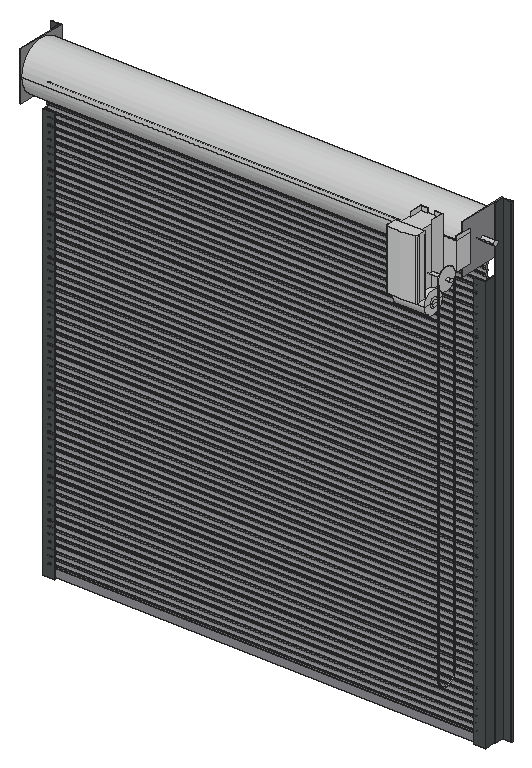
Revit family "Doors_Industrial_Overhead-Door-Corporation_Rolling-Steel-Service-Doors-610_", category Specialty Equipment, host Wall, Revit 2019
Family settings
  Host = Wall
  Round Connector Dimension = Use Diameter
  Part Type = Normal
  OmniClass Number = 23.30.10.21.34
  OmniClass Title = Industrial Doors
  Always vertical = Yes
  Cut with Voids When Loaded = Yes
  Shared = No
  Room Calculation Point = No
Parameters (values of type "115 volts, one phase, 60 Hz (110-120V range)")
  Width Count [instance] = if(Slat < 2, 15, if(or(Opening Width < 240", Opening Width = 240"), 20, if(or(Opening Width < 288", Opening Width = 288"), 24, 30)))  # 15
  Warning Sign [instance] = if(Calculated Area > 683.00 SF, 1 = 1, 1 = 2)  # no
  Warning (Note) [instance] = if(Warning Sign, "The Door Area is out of the limit; please adjust accordingly. The maximum allowed area is 683 sq. ft.", if(Opening Height > 360", "Headroom Clearance Dimensions - out of the limits. Consult Factory", " "))  # " "
  Wall Thickness [instance] = 6"
  Voltage = 115 V
  True Opening Width [instance] = if(Between Jambs Mounting, Door Width True, Clear Width)  # 120"
  True Opening Height [instance] = if(Between Jambs Mounting, Clear Height + Headroom Height, Clear Height)  # 120"
  Slat Type [instance] = if(Slat Option < 2, "C-187", if(Slat Option = 2, "C-275", if(Slat Option = 3, "F-265", "FE-265")))  # "C-187"
  Slat Option [instance] = 1
  Slat Length [instance] = Clear Width + G Value * 2 - 1" / 2 * 2  # 126"
  Slat Height [instance] = if(Slat < 2, 11 9/32", if(Slat = 2, 13 3/4", 13 19/128"))  # 11 9/32"
  Slat [instance] = if(Slat Option < 2, 1, if(Slat Option = 2, 2, if(Slat Option = 3, 3, 4)))  # 1
  Product Page URL = "https://www.overheaddoor.com/rolling-steel-service-doors-610"
  Power Factor = 1
  Powder Coat (Note) = "PowderGuard® Premium powder coat finish options are available in approximately 200 colors as well as custom matching to specification. PowderGuard® Textured finish, a thicker, more scratch resistant coat, is available in 11 colors providing enhanced scratch resistance as well as aiding in hiding the dirt and blemishes that often occur in commercial environments.​"  # constant formula
  Operator Visibility = yes
  Operation (Note) [instance] = "Door could operate by manual push, crank, electrical operator or chain hoist. Manual push up and crank could be used up to 80 sf, for larger door sizes you have to use Chain Hoist operator."  # constant formula
  Opening Width Real [instance] = if(Opening Width > Max Opening Width, Max Opening Width, if(Opening Width < Min Opening Width, Min Opening Width, Opening Width))  # 120"
  Opening Width [instance] = 120"
  Opening Height Real [instance] = if(Opening Height > Max Opening Height, Max Opening Height, if(Opening Height < Min Opening Height, Min Opening Height, Opening Height))  # 120"
  Opening Height [instance] = 120"
  One Array element [instance] = not(Array Vis)  # no
  Number of Poles = 1
  Motor Type [instance] = if(Between Jambs Mounting, "RSX Front of Hood", if(Motor Option < 2, "RSX Front of Hood", if(Motor Option = 2, "RSX Top of Hood", if(Motor Option = 3, "RSX Wall Mount", "RSX Bench Mount"))))  # "RSX Front of Hood"
  Motor Selection (Note) [instance] = "Generic operator shown. Contact Overhead Door when dimensions are critical. "  # constant formula
  Motor Position [instance] = if(Between Jambs Mounting, BJ Displacement Real, M Value - G Value)  # 2 3/4"
  Motor Option Real [instance] = if(Between Jambs Mounting, 1, if(Motor Option < 1, 1, if(Motor Option > 4, 4, Motor Option)))  # 1
  Motor Option [instance] = 1
  Min Opening Width [instance] = if(Between Jambs Mounting, 18" + BJ Displacement Real * 2 + G Value * 2, 18")  # 18"
  Min Opening Height [instance] = if(Between Jambs Mounting, 24" + Headroom Height, 24")  # 24"
  Max Opening Width [instance] = 364"  # constant formula
  Max Opening Height [instance] = 340"  # constant formula
  Material Finish (Note) [instance] = "Perforation availible for F-265, C-275 Slat profile. Fenestration 5/8\"x3\" availible for C-275, F-265, FE-265 Slat profile. Fenestration 1\"x10\" availible for F-265, FE-265 Slat profile."  # constant formula
  Material Finish [instance] = 610 : Standard - Gray
  M Value [instance] = if(or(Opening Width < 108", Opening Width = 108"), 5 3/4", if(or(Opening Width < 180", Opening Width = 180"), 6 1/4", if(or(Opening Width < 240", Opening Width = 240"), 7 1/4", 9 1/4")))  # 6 1/4"
  Lookup Table = "Hood Dimensions"  # constant formula
  Lookup BD [instance] = size_lookup(Lookup Table, if(Slat = 1, "A1", if(Slat = 2, "A2", "A3")), 10", Width Count, Height Count)  # 14"
  Jambs Offset [instance] = if(Between Jambs Mounting, BJ Displacement Real + G Value, 0")  # 0"
  Installation Real [instance] = if(Between Jambs Mounting, if((Wall Thickness / 2 - Guid Depth / 2) < 0", 0", Wall Thickness / 2 - Guid Depth / 2), Wall Thickness)  # 6"
  Hood Type [instance] = if(Hood Option < 2, "No Hood", if(Hood Option = 2, "Square Hood", if(Hood Option = 3, "Octagon Hood", "Round Hood")))  # "No Hood"
  Hood Option [instance] = 1
  Hood Offset [instance] = if(Chain Hoist or Manual, 3", 5")  # 5"
  Hood Material [instance] = Metal - Overhead Door - Gray
  Hood Height [instance] = Headroom Height Real - Hood Offset  # 14"
  Height Count [instance] = if(Slat = 1, HC 1, if(Slat = 2, HC 2, HC 3))  # 11
  Lookup HH [instance] = size_lookup(Lookup Table, if(Slat = 1, "A1", if(Slat = 2, "A2", "A3")), 10", Width Count, Height Count)  # 14"
  Headroom Height Real [instance] = if(Face Of Wall Mounting, if(Chain Hoist or Manual, Lookup HH + 3", Lookup HH + 5"), Lookup HH + 3")  # 19"
  Headroom Height [instance] = if(Between Jambs Mounting, Headroom Height Real, if(Hood Option > 1, Headroom Height Real + 1 1/2", Headroom Height Real))  # 19"
  HC 3 [instance] = if(or(Opening Height < 72", Opening Height = 72"), 6, if(or(Opening Height < 96", Opening Height = 96"), 8, if(or(Opening Height < 108", Opening Height = 108"), 9, if(or(Opening Height < 132", Opening Height = 132"), 11, if(or(Opening Height < 156", Opening Height = 156"), 13, if(or(Opening Height < 192", Opening Height = 192"), 16, if(or(Opening Height < 216", Opening Height = 216"), 18, if(or(Opening Height < 252", Opening Height = 252"), 21, if(or(Opening Height < 276", Opening Height = 276"), 23, if(or(Opening Height < 300", Opening Height = 300"), 25, if(or(Opening Height < 336", Opening Height = 336"), 28, 30)))))))))))  # 11
  HC 2 [instance] = if(or(Opening Height < 72", Opening Height = 72"), 6, if(or(Opening Height < 96", Opening Height = 96"), 8, if(or(Opening Height < 108", Opening Height = 108"), 9, if(or(Opening Height < 132", Opening Height = 132"), 11, if(or(Opening Height < 156", Opening Height = 156"), 13, if(or(Opening Height < 192", Opening Height = 192"), 16, if(or(Opening Height < 216", Opening Height = 216"), 18, if(or(Opening Height < 252", Opening Height = 252"), 21, if(or(Opening Height < 276", Opening Height = 276"), 23, if(or(Opening Height < 300", Opening Height = 300"), 25, if(or(Opening Height < 336", Opening Height = 336"), 28, 30)))))))))))  # 11
  HC 1 [instance] = if(or(Opening Height < 72", Opening Height = 72"), 6, if(or(Opening Height < 132", Opening Height = 132"), 11, if(or(Opening Height < 216", Opening Height = 216"), 18, if(or(Opening Height < 252", Opening Height = 252"), 21, 30))))  # 11
  Guide Type [instance] = if(Between Jambs Mounting, "Angled Between Jambs Z Guide", "Angled Z Guide")  # "Angled Z Guide"
  Guide Option [instance] = if(Between Jambs Mounting, 1, 2)  # 2
  Guid Depth [instance] = if(Between Jambs Mounting, D Value + 1/4", D Value)  # 6 1/4"
  G Value [instance] = if(Between Jambs Mounting, if(or(Opening Width < 144", Opening Width = 144"), 3 1/4", if(or(Opening Width < 180", Opening Width = 180"), 3", if(or(Opening Width < 240", Opening Width = 240"), 3 1/2", 5"))), if(or(Opening Width < 108", Opening Width = 108"), 3", if(or(Opening Width < 180", Opening Width = 180"), 3 1/2", if(or(Opening Width < 240", Opening Width = 240"), 4", 5 9/16"))))  # 3 1/2"
  Frequency = 60 Hz
  Face of Wall Offset [instance] = if(Between Jambs Mounting, 0", 5")  # 5"
  Face Of Wall Mounting [instance] = not(Between Jambs Mounting)  # yes
  Door Width True [instance] = if(Between Jambs Mounting, Clear Width + BJ Displacement Real * 2 + G Value * 2, Clear Width + M Value * 2)  # 132 1/2"
  Door Width (Real) [instance] = if(Between Jambs Mounting, Clear Width, Clear Width + 1" / 2)  # 120 1/2"
  Door Height True [instance] = Clear Width + Headroom Height  # 139"
  Door Height (Real) [instance] = Clear Height + Hood Offset  # 125"
  URL = "https://www.overheaddoor.com/"
  Product data url = "https://www.bimobject.com/overhead-door/product/rolling-steel-service-doors-610"
  Product Guid = "8e37abb2-419c-4c5f-98ec-c1df80fb6c32"
  Model = "610"  # constant formula
  Manufacturer = "Overhead Door Corporation"  # constant formula
  Wall Closure = By host
  Floor To (CL) of Shaft [instance] = Clear Height + Hood Height / 2 + Hood Offset  # 132"
  Finish Material = Finish - Overhead Door - Black
  Description = "Model 610 Rolling steel service door"  # constant formula
  D Value [instance] = if(Between Jambs Mounting, if(or(Opening Width < 144", Opening Width = 144"), 6 1/4", if(or(Opening Width < 180", Opening Width = 180"), 7 1/4", if(or(Opening Width < 240", Opening Width = 240"), 7 1/4", 7 5/8"))), if(or(Opening Width < 108", Opening Width = 108"), 5 11/16", if(or(Opening Width < 180", Opening Width = 180"), 6 1/4", if(or(Opening Width < 240", Opening Width = 240"), 6 3/16", 7 1/16"))))  # 6 1/4"
  Clear Width [instance] = if(Between Jambs Mounting, Opening Width Real - BJ Displacement Real * 2 - G Value * 2, Opening Width Real)  # 120"
  Clear Height [instance] = if(Between Jambs Mounting, Opening Height Real - Headroom Height, Opening Height Real)  # 120"
  Chain Hoist or Manual = no
  Current = 20 A
  Connector Array Distance = 0"  # constant formula
  Connector Array = if(Chain Hoist or Manual, 2, 3)  # 3
  Between Jambs Mounting [instance] = no
  Between Jambs Guides Offset [instance] = 3"
  Bar [instance] = if(and(Hood Option > 1, Face Of Wall Mounting), 1 = 1, 1 = 2)  # no
  Backroom Depth [instance] = Lookup BD + 1/2"  # 14 1/2"
  BJ Opening Cut [instance] = if(Between Jambs Mounting, Headroom Height, 0")  # 0"
  BJ Displacement Real [instance] = if(Between Jambs Mounting, if(Between Jambs Guides Offset < 3", 3", if(Between Jambs Guides Offset > 6 3/4", 6 3/4", Between Jambs Guides Offset)), 0")  # 0"
  Array Vis [instance] = if(Array < 2, 1 = 2, 1 = 1)  # yes
  Array Real [instance] = if(Array < 2, 2, Array)  # 11
  Array Length [instance] = (Array) * Slat Height  # 124 3/32"
  Array [instance] = rounddown(([Door Height (Real)] - 3") / Slat Height) + 1  # 11
  Calculated Area [instance] = [Door Width (Real)] * [Door Height (Real)]  # 104.601 SF
  Apparent Load Phase 3 = if(Number of Poles = 1, 0 VA, (Voltage * Current * sqrt(3)) / 3)  # 0 VA
  Apparent Load Phase 2 = if(Number of Poles = 1, 0 VA, (Voltage * Current * sqrt(3)) / 3)  # 0 VA
  Apparent Load Phase 1 = if(Number of Poles = 1, Voltage * Current, (Voltage * Current * sqrt(3)) / 3)  # 2300 VA
Reference planes (in)
  plane 1 "Center (Front/Back)": y = -14.625
  plane 2 "Center (Left/Right)": x = 0
  plane 3 "Left": x = -60
  plane 4 "Right": x = 60
  plane 5 "Exterior": y = -8.625
  plane 6 "Interior": y = -14.625
  plane 7: x = 66.25
  plane 8: x = -66.25
  plane 9: z = 120
  plane 10 "Main": y = -20.23437
  plane 11 "Backroom Depth": y = -32.125
  plane 12 "Main Door Block": y = -17.625
  plane 13 "Bottom Bar": z = 2.75
  plane 14: y = -20.875
  plane 15: z = 126.84375
  plane 16: z = 139
  plane 17: z = 125
  plane 18: z = 140.5
  plane 19: z = 0
  plane 20: z = 60
  plane 21: y = -20.0625
  plane 22: y = 18.375
  plane 23: y = -41.625
  plane 24 "Double Main": y = -19.656
  plane 25 "Headroom Top": z = 139
  plane 26: z = 132
  plane 27: x = 63.5
  plane 28: x = -63.5
  plane 29: z = 115.5625
Forms (in)
  Extrusion 1, void
    sketch origin (0, -17.625, 0) x (0, 0, -1) y (-1, 0, 0)
      loop
        line (-120, 60) -> (-120, -60) -> (0, -60) -> (0, 60) -> (-120, 60)
    from 3 to 9
  Extrusion 2, solid, material "Metal - Overhead Door - Gray" <- "Hood Material", visible <- "Bar"
    sketch origin (0, 0, 0) x (0, 1, 0) y (0, 0, 1)
      loop
        line (-14.875, 139) -> (-14.625, 139) -> (-14.625, 140.5) -> (-14.875, 140.5) -> (-14.875, 139)
    from -63.25 to 63.25
Lines and regions (in)
  symbolic lines, visible <- "Bar"
    curve 1: line (63.25, -14.625, 0) -> (-63.25, -14.625, 0)
    curve 2: line (-63.25, -14.875, 0) -> (63.25, -14.875, 0)
Text (in)
  text "Exterior" at (-74.96733, 27.31104, 0), in view "Ref. Level"
  text "Interior" at (-74.96733, -25.14366, 0), in view "Ref. Level"
  text "Exterior" at (0, 40.15149, 123.01588), in view "Right"
  text "Interior" at (0, -64.39139, 123.01588), in view "Right"
  text "Interior" at (0, -31.01599, 123.00693), in view "Left"
  text "Exterior" at (0, 54.57065, 123.00693), in view "Left"
Dimensions and locks (in)
  equal spacing: plane 3 "Left", plane 2 "Center (Left/Right)", plane 4 "Right"
  "Clear Width": plane 3 "Left" to plane 4 "Right"
  level to host wall = 459.59655"
  "Clear Height": level to plane 9
  plane 7 to plane 8 = 132 1/2"
  equal spacing: plane 7, plane 2 "Center (Left/Right)", plane 8
  locked: plane 13 "Bottom Bar" to level at 2.75
  "Door Width True": plane 7 to plane 8
  locked: plane 14 to plane 10 "Main" at 0.64063
  "Array Length": plane 15 to plane 13 "Bottom Bar"
  "Backroom Depth": plane 11 "Backroom Depth" to plane 12 "Main Door Block"
  "Hood Height": plane 16 to plane 17
  locked: plane 18 to plane 16 at 1.5
  locked: Extrusion 2 sketch curve to Extrusion 2 sketch curve at 0.25
  "Installation Real": plane 1 "Center (Front/Back)" to plane 5 "Exterior"
  "Wall Thickness": host wall to host wall
  equal spacing: plane 9, plane 20, plane 19
  locked: plane 10 "Main" to plane 21 at 0.17187
  equal spacing: plane 22, host wall, plane 23
  locked: plane 22 to plane 23 at 60
  locked: plane 10 "Main" to plane 24 "Double Main" at 0.57837
  "BJ Opening Cut": Extrusion 1 sketch curve to plane 9
  locked: Extrusion 2 sketch curve to Extrusion 2 sketch curve at 1.5
  "Hood Offset": plane 17 to plane 9
  "Headroom Height": plane 25 "Headroom Top" to plane 9
  "Floor To (CL) of Shaft": plane 26 to level
  "Jambs Offset": plane 4 "Right" to Extrusion 1 sketch curve
  "Jambs Offset": Extrusion 1 sketch curve to plane 3 "Left"
  "Motor Position": plane 7 to plane 27
  "Motor Position": plane 28 to plane 8
  locked: plane 28 to Extrusion 2 at 0.25
  locked: Extrusion 2 to plane 27 at 0.25
  "Guid Depth": plane 14 to plane 1 "Center (Front/Back)"
  "Slat Height": plane 15 to plane 29
  equal spacing: group 1, group 3, group 4, group 5, group 6, group 7, group 8, group 9, group 10, group 11, group 2  (x3)
  nested 2 to nested 2 = 15.8185"
  aligned and locked: plane 5 "Exterior" to host wall
  aligned and locked: host wall to plane 6 "Interior"
  aligned and locked: level to Extrusion 1 sketch curve
  aligned and locked: Extrusion 1 to plane 5 "Exterior"
  aligned and locked: plane 6 "Interior" to Extrusion 1
  aligned and locked: nested 1 to plane 2 "Center (Left/Right)"
  aligned and locked: plane 16 to nested 2
  aligned and locked: nested 1 to level
  aligned and locked: Extrusion 2 sketch curve to plane 18
  aligned and locked: plane 6 "Interior" to Extrusion 2 sketch curve
  aligned and locked: curve 1 to Extrusion 2  (x2)
  aligned and locked: curve 2 to Extrusion 2  (x2)
  aligned and locked: Extrusion 2 to curve 2
  aligned and locked: plane 5 "Exterior" to nested 2
  aligned and locked: level to plane 19
  aligned and locked: nested 1 to plane 1 "Center (Front/Back)"
  aligned and locked: plane 2 "Center (Left/Right)" to nested 3
  aligned and locked: nested 3 to plane 22
  aligned and locked: plane 23 to nested 4
  aligned and locked: nested 4 to plane 2 "Center (Left/Right)"
  aligned and locked: nested 5 to plane 20
  aligned and locked: plane 2 "Center (Left/Right)" to nested 5
  aligned and locked: nested 2 to plane 27
  aligned and locked: plane 13 "Bottom Bar" to nested 6
  aligned and locked: plane 29 to nested 8
  aligned and locked: nested 8 to plane 21
  aligned and locked: plane 21 to nested 6
  aligned and locked: plane 13 "Bottom Bar" to nested 7
  aligned and locked: plane 21 to nested 7
  aligned and locked: nested 5 to plane 21
Automatic sketch dimensions
  curve 1 to curve 2 = 0"
Nested families (in)
  nested 1: "Lifts" at (0, -14.625, 0), type "Frame Unit"
    with Square Hood no, Round Hood no, Octagon Hood no, No Hood yes
  nested 2: "Motor" at (56.6205, -36.705, 120.93), visible <- "Operator Visibility", type "Trolley Motor"
    with Top Mount RSX no, Not Bench + Top yes, Horizontal Mount 7.58", Vertical Mount 18.07", Motor Option 1, Hood Height 14", Floor To Cl Shaft 132", Top Option Offset 0", Face Mount RSX yes, Top + Bench no, Chain V Offset 6.53", Chain H Offset 1.19", Angle 180.00°
  nested 3: "Label Annotation 1" at (0, 18.375, 0), visible <- "Warning Sign", type "Label Annotation 1"
  nested 4: "Label Annotation 1" at (0, -41.625, 0) x (-1, 0, 0) z (0, 0, 1), visible <- "Warning Sign", type "Label Annotation 1"
  nested 5: "Warning Sign" at (0, -20.0625, 60), visible <- "Warning Sign", type "Warning Sign"
    with Warning Sign no
  nested 6: "610" at (0, -20.0625, 2.75), Slat Option <- "Slat Option", Opening Width <- "Slat Length", type <- "Material Finish", visible <- "Array Vis", type "Standard - Gray"
    with Void Offset 1", Void Height 1", Slat Width 0.53", Slat Position + Offset 12.174", Slat Position 11.28", Slat Option 1, Opening Width 126", Integrated Cutout no, F 265, FE 265 no, Cutout Width Offset 1", Cutout Vertical Offset 0.894", Cutout Horizontal Offset 1", C 275 no, C 187 Standard yes
  nested 7: "610" at (0, -20.0625, 2.75), visible <- "One Array element", Slat Option <- "Slat Option", Opening Width <- "Slat Length", type <- "Material Finish", type "Standard - Gray"
    with Void Offset 1", Void Height 1", Slat Width 0.53", Slat Position + Offset 12.174", Slat Position 11.28", Slat Option 1, Opening Width 126", Integrated Cutout no, F 265, FE 265 no, Cutout Width Offset 1", Cutout Vertical Offset 0.894", Cutout Horizontal Offset 1", C 275 no, C 187 Standard yes
  nested 8: "610" at (0, -20.0625, 115.5625), Slat Option <- "Slat Option", Opening Width <- "Slat Length", type <- "Material Finish", visible <- "Array Vis", type "Standard - Gray"
    with Void Offset 1", Void Height 1", Slat Width 0.53", Slat Position + Offset 12.174", Slat Position 11.28", Slat Option 1, Opening Width 126", Integrated Cutout no, F 265, FE 265 no, Cutout Width Offset 1", Cutout Vertical Offset 0.894", Cutout Horizontal Offset 1", C 275 no, C 187 Standard yes
  nested 9: "610" at (0, -20.0625, 14.03125), Slat Option <- "Slat Option", Opening Width <- "Slat Length", type <- "Material Finish", visible <- "Array Vis", type "Standard - Gray"
    with Void Offset 1", Void Height 1", Slat Width 0.53", Slat Position + Offset 12.174", Slat Position 11.28", Slat Option 1, Opening Width 126", Integrated Cutout no, F 265, FE 265 no, Cutout Width Offset 1", Cutout Vertical Offset 0.894", Cutout Horizontal Offset 1", C 275 no, C 187 Standard yes
  nested 10: "610" at (0, -20.0625, 25.3125), Slat Option <- "Slat Option", Opening Width <- "Slat Length", type <- "Material Finish", visible <- "Array Vis", type "Standard - Gray"
    with Void Offset 1", Void Height 1", Slat Width 0.53", Slat Position + Offset 12.174", Slat Position 11.28", Slat Option 1, Opening Width 126", Integrated Cutout no, F 265, FE 265 no, Cutout Width Offset 1", Cutout Vertical Offset 0.894", Cutout Horizontal Offset 1", C 275 no, C 187 Standard yes
  nested 11: "610" at (0, -20.0625, 36.59375), Slat Option <- "Slat Option", Opening Width <- "Slat Length", type <- "Material Finish", visible <- "Array Vis", type "Standard - Gray"
    with Void Offset 1", Void Height 1", Slat Width 0.53", Slat Position + Offset 12.174", Slat Position 11.28", Slat Option 1, Opening Width 126", Integrated Cutout no, F 265, FE 265 no, Cutout Width Offset 1", Cutout Vertical Offset 0.894", Cutout Horizontal Offset 1", C 275 no, C 187 Standard yes
  nested 12: "610" at (0, -20.0625, 47.875), Slat Option <- "Slat Option", Opening Width <- "Slat Length", type <- "Material Finish", visible <- "Array Vis", type "Standard - Gray"
    with Void Offset 1", Void Height 1", Slat Width 0.53", Slat Position + Offset 12.174", Slat Position 11.28", Slat Option 1, Opening Width 126", Integrated Cutout no, F 265, FE 265 no, Cutout Width Offset 1", Cutout Vertical Offset 0.894", Cutout Horizontal Offset 1", C 275 no, C 187 Standard yes
  nested 13: "610" at (0, -20.0625, 59.15625), Slat Option <- "Slat Option", Opening Width <- "Slat Length", type <- "Material Finish", visible <- "Array Vis", type "Standard - Gray"
    with Void Offset 1", Void Height 1", Slat Width 0.53", Slat Position + Offset 12.174", Slat Position 11.28", Slat Option 1, Opening Width 126", Integrated Cutout no, F 265, FE 265 no, Cutout Width Offset 1", Cutout Vertical Offset 0.894", Cutout Horizontal Offset 1", C 275 no, C 187 Standard yes
  nested 14: "610" at (0, -20.0625, 70.4375), Slat Option <- "Slat Option", Opening Width <- "Slat Length", type <- "Material Finish", visible <- "Array Vis", type "Standard - Gray"
    with Void Offset 1", Void Height 1", Slat Width 0.53", Slat Position + Offset 12.174", Slat Position 11.28", Slat Option 1, Opening Width 126", Integrated Cutout no, F 265, FE 265 no, Cutout Width Offset 1", Cutout Vertical Offset 0.894", Cutout Horizontal Offset 1", C 275 no, C 187 Standard yes
  nested 15: "610" at (0, -20.0625, 81.71875), Slat Option <- "Slat Option", Opening Width <- "Slat Length", type <- "Material Finish", visible <- "Array Vis", type "Standard - Gray"
    with Void Offset 1", Void Height 1", Slat Width 0.53", Slat Position + Offset 12.174", Slat Position 11.28", Slat Option 1, Opening Width 126", Integrated Cutout no, F 265, FE 265 no, Cutout Width Offset 1", Cutout Vertical Offset 0.894", Cutout Horizontal Offset 1", C 275 no, C 187 Standard yes
  nested 16: "610" at (0, -20.0625, 93), Slat Option <- "Slat Option", Opening Width <- "Slat Length", type <- "Material Finish", visible <- "Array Vis", type "Standard - Gray"
    with Void Offset 1", Void Height 1", Slat Width 0.53", Slat Position + Offset 12.174", Slat Position 11.28", Slat Option 1, Opening Width 126", Integrated Cutout no, F 265, FE 265 no, Cutout Width Offset 1", Cutout Vertical Offset 0.894", Cutout Horizontal Offset 1", C 275 no, C 187 Standard yes
  nested 17: "610" at (0, -20.0625, 104.28125), Slat Option <- "Slat Option", Opening Width <- "Slat Length", type <- "Material Finish", visible <- "Array Vis", type "Standard - Gray"
    with Void Offset 1", Void Height 1", Slat Width 0.53", Slat Position + Offset 12.174", Slat Position 11.28", Slat Option 1, Opening Width 126", Integrated Cutout no, F 265, FE 265 no, Cutout Width Offset 1", Cutout Vertical Offset 0.894", Cutout Horizontal Offset 1", C 275 no, C 187 Standard yes
Connectors (in)
  electrical at (59.6085, -35.31077, 131.4998), driven by "Apparent Load Phase 1", driven by "Power Factor", driven by "Voltage", driven by "Apparent Load Phase 2", driven by "Apparent Load Phase 3", driven by "Number of Poles"
    settings: on nested 2, index 1, voltage 115 V, apparent load 0 VA, apparent load phase1 2300 VA, apparent load phase2 0 VA, apparent load phase3 0 VA, power factor 1, load classification "Other", number of poles 1, system type 31, power factor state 1, is connector primary yes, connector utility no, sub classification motor no, connector description "Electrical Connector"
Definition of nested family "Lifts"
  Parameters (values of type "Frame Unit")
    True Width = if(Between Jambs, Opening Width, Opening Width + 1/2")  # 120 1/2"
    Square Hood [instance] = if(Hood Option = 2, 1 = 1, 1 = 2)  # no
    Slat Option = 1
    Round Hood [instance] = if(Hood Option > 3, 1 = 1, 1 = 2)  # no
    Rough Width = 0"
    Rough Height = 0"
    Octagon Hood [instance] = if(Hood Option = 3, 1 = 1, 1 = 2)  # no
    No Hood [instance] = if(Hood Option < 2, 1 = 1, 1 = 2)  # yes
    M Value = 5 1/4"
    Hood Type = if(Hood Option < 2, "No Hood", if(Hood Option = 2, "Square Hood", if(Hood Option = 3, "Octagon Hood", "Round Hood")))  # "No Hood"
    Hood Option = 1
    Hood Offset = 3"
    Hood Height = Headroom Height Real - Hood Offset  # 16"
    Headroom Height Real = Headroom Height  # 19"
    Half Octagon Side = (Radius Hood * 2 * tan(180.00° / 8)) / 2  # 3.00305"
    Half Hood Height = Headroom Height - Hood Offset  # 16"
    G Value = 3 1/2"
    E Guide Width = if(Between Jambs, Guide Offset - G Value + BJ Connection Length - BJ Displacement * 2 / 3, 3")  # 3"
    E Guide Height = 3"  # constant formula
    Z Guide = 1 = 1  # yes
    Slat Material = none
    Shaft Offset = if(Hood Option > 3, (Header Width - (Header Width - Hood Height)) / 2, if(Hood Height < Header Width, (Header Width - (Header Width - Hood Height)) / 2, Header Width / 2))  # 7 1/4"
    Shaft Material = none
    Shaft Length 2 = if(Between Jambs, G Value + BJ Displacement, G Value + 4")  # 7 1/2"
    Shaft Length 1 = if(Between Jambs, G Value + BJ Displacement, G Value + 4")  # 7 1/2"
    Setback = if(Between Jambs, 0", 1/4")  # 1/4"
    Radius Hood = Shaft Offset  # 7 1/4"
    Opening Width = 120"
    Hood Material = none
    Headroom Height = 19"
    Header Width = 14 1/2"
    Opening Height = 120"
    Guide Type = if(Between Jambs, "Angled Between Jambs Z Guide", if(Guide Option > 1, "Angled Z Guide", "Angled E Guide"))  # "Angled Z Guide"
    Guide Option = if(Between Jambs, 1, 2)  # 2
    Guide Offset = BJ Displacement + G Value  # 3 1/2"
    Guide Z Wide = if(Between Jambs, Guide Offset - G Value + BJ Connection Length - BJ Displacement * 2 / 3, M Value - G Value)  # 1 3/4"
    Guide Z Height = 3"  # constant formula
    Floor To (CL) of Shaft = 131"
    Finish Material = none
    Face to Wall Mount = not(Between Jambs)  # yes
    E Guide = if(Between Jambs, 1 = 1, 1 = 2)  # no
    D Value = 4 1/2"
    Between Jambs = no
    BJ Position = if(Between Jambs, 1/4", 0")  # 0"
    BJ Displacement = 0"
    BJ Connection Length = 1 / 3 * BJ Displacement  # 0"
    Angled Guide = 1 = 1  # yes
  Reference planes (in)
    plane 1 "Center (Front/Back)": y = 0
    plane 2: z = 0
    plane 3 "Center (Left/Right)": x = 0
    plane 4 "Opening Height": z = 120
    plane 5: x = -67.5
    plane 6: x = 67.5
    plane 7: z = 139
    plane 8: y = 14.5
    plane 9 "Real Opening 2": x = -60
    plane 10 "Real Opening 1": x = 60
    plane 11: z = 123
    plane 12 "Main": y = 0
    plane 13: z = 131
    plane 14: y = 7.25
    plane 15: x = 63.5
    plane 16: x = -63.5
    plane 17: x = -63.5
    plane 18: x = 63.5
    plane 19: y = 4.5
    plane 20: x = -63.25
    plane 21: x = 63.25
    plane 22: y = 7.25
    plane 23: z = 140.5
    plane 24: y = 4.5
    plane 25: y = 3.375
    plane 26: y = 4.5
    plane 27: y = 3.375
  Forms (in)
    Extrusion 1, solid, material <- "Slat Material"
      sketch origin (0, 0, 0) x (0, 1, 0) y (0, 0, 1)
        loop
          line (3.6875, 2.375) -> (3.6875, 2.75) -> (3.0625, 2.75) -> (3.0625, 2.375) -> (3.6875, 2.375)
      from -63.25 to 63.25
    Extrusion 2, solid, material <- "Slat Material"
      sketch origin (0, 0, 0) x (0, 1, 0) y (0, 0, 1)
        loop
          line (3.6875, 2.375) -> (3.0625, 2.375) -> (3.0625, 0) -> (3.6875, 0) -> (3.6875, 2.375)
      from -63.25 to 63.25
    Extrusion 3, solid, material <- "Shaft Material"
      sketch origin (0, -5.35201, 0) x (0, 1, 0) y (0, 0, 1)
        loop
          circle (12.60201, 131) r 0.6
      from -67.5 to 67.5
    Extrusion 4, solid, material <- "Hood Material", visible <- "Square Hood"
      sketch origin (0, 0, 0) x (0, 1, 0) y (0, 0, 1)
        loop
          line (0, 123) -> (14.5, 123) -> (14.5, 139) -> (0, 139) -> (0, 123)
      from -63.25 to 63.25
    Extrusion 5, solid, material <- "Hood Material", visible <- "Round Hood"
      sketch origin (0, 0, 0) x (0, 1, 0) y (0, 0, 1)
        loop
          line (0, 139) -> (0, 123) -> (7.25, 123)
          arc (7.25, 123) -> (15.25, 131) -> (7.25, 139) r 8
          line (7.25, 139) -> (0, 139)
      from -63.25 to 63.25
    Extrusion 6, solid, material <- "Finish Material", visible <- "E Guide"
      sketch origin (0, 0, 0) x (1, 0, 0) y (0, 1, 0)
        loop
          line (60.5, 0) -> (63.5, 0) -> (63.5, 3) -> (63.4375, 3)
          arc (63.4375, 3) -> (63.30492, 2.94508) -> (63.25, 2.8125) r 0.1875
          line (63.25, 2.8125) -> (63.25, 0.25) -> (60.6875, 0.25)
          arc (60.6875, 0.25) -> (60.55492, 0.19508) -> (60.5, 0.0625) r 0.1875
          line (60.5, 0.0625) -> (60.5, 0)
        loop
          line (-60.5, 0) -> (-60.5, 0.0625)
          arc (-60.5, 0.0625) -> (-60.55492, 0.19508) -> (-60.6875, 0.25) r 0.1875
          line (-60.6875, 0.25) -> (-63.25, 0.25) -> (-63.25, 2.8125)
          arc (-63.25, 2.8125) -> (-63.30492, 2.94508) -> (-63.4375, 3) r 0.1875
          line (-63.4375, 3) -> (-63.5, 3) -> (-63.5, 0) -> (-60.5, 0)
      from 0 to 139
    Extrusion 7, solid, material <- "Finish Material", visible <- "Z Guide"
      sketch origin (0, 0, 0) x (1, 0, 0) y (0, 1, 0)
        loop
          line (65.25, 0) -> (65.25, 0.062)
          arc (65.25, 0.062) -> (65.19494, 0.19494) -> (65.062, 0.25) r 0.188
          line (65.062, 0.25) -> (63.75, 0.25) -> (63.75, 2.812)
          arc (63.75, 2.812) -> (63.69494, 2.94494) -> (63.562, 3) r 0.188
          line (63.562, 3) -> (63.5, 3) -> (63.5, 0) -> (65.25, 0)
        loop
          line (-65.25, 0) -> (-63.5, 0) -> (-63.5, 3) -> (-63.562, 3)
          arc (-63.562, 3) -> (-63.69494, 2.94494) -> (-63.75, 2.812) r 0.188
          line (-63.75, 2.812) -> (-63.75, 0.25) -> (-65.062, 0.25)
          arc (-65.062, 0.25) -> (-65.19494, 0.19494) -> (-65.25, 0.062) r 0.188
          line (-65.25, 0.062) -> (-65.25, 0)
      from 0 to 139
    Extrusion 8, solid, material <- "Finish Material", visible <- "Angled Guide"
      sketch origin (0, 0, 0) x (1, 0, 0) y (0, 1, 0)
        loop
          line (60.25, 4.5) -> (60.25, 4.437)
          arc (60.25, 4.437) -> (60.30477, 4.30477) -> (60.437, 4.25) r 0.187
          line (60.437, 4.25) -> (63.25, 4.25) -> (63.25, 2.5) -> (60.25, 2.5) -> (60.25, 2.437)
          arc (60.25, 2.437) -> (60.30477, 2.30477) -> (60.437, 2.25) r 0.187
          line (60.437, 2.25) -> (63, 2.25) -> (63, 0.5625) -> (63.25, 0.5625) -> (63.25, 0.25) -> (63.5, 0.25) -> (63.5, 4.5) -> (60.25, 4.5)
        loop
          line (-60.25, 4.5) -> (-63.5, 4.5) -> (-63.5, 0.25) -> (-63.25, 0.25) -> (-63.25, 0.5625) -> (-63, 0.5625) -> (-63, 2.25) -> (-60.437, 2.25)
          arc (-60.437, 2.25) -> (-60.30477, 2.30477) -> (-60.25, 2.437) r 0.187
          line (-60.25, 2.437) -> (-60.25, 2.5) -> (-63.25, 2.5) -> (-63.25, 4.25) -> (-60.437, 4.25)
          arc (-60.437, 4.25) -> (-60.30477, 4.30477) -> (-60.25, 4.437) r 0.187
          line (-60.25, 4.437) -> (-60.25, 4.5)
      from 0 to 120
    Extrusion 9, solid, material <- "Hood Material"
      sketch origin (0, 0, 0) x (-1, 0, 0) y (0, 0, 1)
        loop
          line (63.25, 123) -> (63.5, 123) -> (63.5, 139) -> (63.25, 139) -> (63.25, 123)
        loop
          line (-63.5, 123) -> (-63.25, 123) -> (-63.25, 139) -> (-63.5, 139) -> (-63.5, 123)
      from 0 to 14.5
    Extrusion 10, solid, material <- "Shaft Material", visible <- "No Hood"
      sketch origin (0, 0, 0) x (0, 1, 0) y (0, 0, 1)
        loop
          circle (7.25, 131) r 7.25
      from -63.25 to 63.25
    Extrusion 11, solid, material <- "Hood Material", visible <- "Octagon Hood"
      sketch origin (0, 0, 0) x (0, 1, 0) y (0, 0, 1)
        loop
          line (0, 139) -> (0, 123) -> (10.25305, 123) -> (14.5, 127.99695) -> (14.5, 134.00305) -> (10.25305, 139) -> (0, 139)
      from -63.25 to 63.25
  Lines and regions (in)
    Masking region 1
      outline origin (0, 0, 0) x (1, 0, 0) y (0, 1, 0)
        loop
          line (67.5, 7.85) -> (63.5, 7.85) -> (63.5, 6.65) -> (67.5, 6.65) -> (67.5, 7.85)
        loop
          line (-67.5, 6.65) -> (-63.5, 6.65) -> (-63.5, 7.85) -> (-67.5, 7.85) -> (-67.5, 6.65)
    Masking region 2
      outline origin (0, 0, 0) x (1, 0, 0) y (0, 1, 0)
        loop
          line (-63.5, 14.5) -> (-63.5, 0) -> (63.5, 0) -> (63.5, 14.5) -> (-63.5, 14.5)
    Masking region 3, visible <- "Z Guide"
      outline origin (0, 0, 0) x (1, 0, 0) y (0, 1, 0)
        loop
          line (65.062, 0.25) -> (63.75, 0.25) -> (63.75, 2.812)
          arc (63.75, 2.812) -> (63.69494, 2.94494) -> (63.562, 3) r 0.188
          line (63.562, 3) -> (63.5, 3) -> (63.5, 0) -> (65.25, 0) -> (65.25, 0.062)
          arc (65.25, 0.062) -> (65.19494, 0.19494) -> (65.062, 0.25) r 0.188
        loop
          line (-63.75, 0.25) -> (-65.062, 0.25)
          arc (-65.062, 0.25) -> (-65.19494, 0.19494) -> (-65.25, 0.062) r 0.188
          line (-65.25, 0.062) -> (-65.25, 0) -> (-63.5, 0) -> (-63.5, 3) -> (-63.562, 3)
          arc (-63.562, 3) -> (-63.69494, 2.94494) -> (-63.75, 2.812) r 0.188
          line (-63.75, 2.812) -> (-63.75, 0.25)
    Masking region 4, visible <- "E Guide"
      outline origin (0, 0, 0) x (1, 0, 0) y (0, 1, 0)
        loop
          line (-63.5, 3) -> (-63.5, 0) -> (-60.5, 0) -> (-60.5, 0.0625)
          arc (-60.5, 0.0625) -> (-60.55492, 0.19508) -> (-60.6875, 0.25) r 0.1875
          line (-60.6875, 0.25) -> (-63.25, 0.25) -> (-63.25, 2.8125)
          arc (-63.25, 2.8125) -> (-63.30492, 2.94508) -> (-63.4375, 3) r 0.1875
          line (-63.4375, 3) -> (-63.5, 3)
        loop
          line (63.5, 0) -> (63.5, 3) -> (63.4375, 3)
          arc (63.4375, 3) -> (63.30492, 2.94508) -> (63.25, 2.8125) r 0.1875
          line (63.25, 2.8125) -> (63.25, 0.25) -> (60.6875, 0.25)
          arc (60.6875, 0.25) -> (60.55492, 0.19508) -> (60.5, 0.0625) r 0.1875
          line (60.5, 0.0625) -> (60.5, 0) -> (63.5, 0)
    symbolic lines
      curve 1: line (-63.25, 0, 0) -> (-63.25, 14.5, 0)
      curve 2: line (63.25, 14.5, 0) -> (63.25, 0, 0)
    symbolic lines, visible <- "Octagon Hood"
      curve 3: line (-63.25, 10.25305, 0) -> (63.25, 10.25305, 0)
  Dimensions and locks (in)
    Extrusion 1 sketch curve to level = 2 3/8"
    locked: Extrusion 1 sketch curve to Extrusion 1 sketch curve at 0.625
    locked: Extrusion 2 sketch curve to level at 2.375
    "Headroom Height Real": plane 7 to plane 4 "Opening Height"
    plane 8 to plane 1 "Center (Front/Back)" = 14 1/2"
    "Radius Hood": Extrusion 5 sketch curve to plane 8
    "Opening Height": plane 4 "Opening Height" to level
    "Hood Offset": plane 11 to plane 4 "Opening Height"
    "BJ Position": plane 12 "Main" to plane 1 "Center (Front/Back)"
    "Header Width": plane 12 "Main" to plane 8
    "Floor To (CL) of Shaft": plane 13 to level
    "Shaft Offset": Extrusion 3 sketch curve to plane 8
    locked: Extrusion 2 sketch curve to Extrusion 2 sketch curve at 0.625
    "Shaft Offset": plane 8 to plane 14
    locked: Masking region 1 sketch curve to Masking region 1 sketch curve at 1.2
    locked: Masking region 1 sketch curve to plane 14 at 0.6
    "Guide Offset": plane 10 "Real Opening 1" to plane 15
    "Guide Offset": plane 16 to plane 9 "Real Opening 2"
    locked: Extrusion 6 sketch curve to Extrusion 6 sketch curve at 0.25  (x4)
    "E Guide Height": Extrusion 6 sketch curve to Extrusion 6 sketch curve  (x2)
    "E Guide Width": Extrusion 6 sketch curve to Extrusion 6 sketch curve  (x2)
    locked: Extrusion 7 sketch curve to Extrusion 7 sketch curve at 0.25  (x4)
    "Guide Z Wide": Extrusion 7 sketch curve to Extrusion 7 sketch curve  (x2)
    "Guide Z Height": Extrusion 7 sketch curve to Extrusion 7 sketch curve  (x2)
    locked: Extrusion 8 sketch curve to Extrusion 8 sketch curve at 0.25  (x8)
    locked: Extrusion 8 sketch curve to Extrusion 8 sketch curve at 2.25  (x2)
    locked: Extrusion 8 sketch curve to Extrusion 8 sketch curve at 4.25  (x2)
    locked: Extrusion 8 sketch curve to Extrusion 8 sketch curve at 0.3125  (x2)
    "Setback": plane 10 "Real Opening 1" to Extrusion 8 sketch curve
    "Setback": Extrusion 8 sketch curve to plane 9 "Real Opening 2"
    equal spacing: plane 16, plane 3 "Center (Left/Right)", plane 15
    "G Value": Extrusion 7 sketch curve to plane 9 "Real Opening 2"
    "G Value": plane 10 "Real Opening 1" to Extrusion 7 sketch curve
    "G Value": plane 10 "Real Opening 1" to plane 18
    "G Value": plane 17 to plane 9 "Real Opening 2"
    "Shaft Length 1": plane 5 to plane 9 "Real Opening 2"
    "Shaft Length 2": plane 6 to plane 10 "Real Opening 1"
    locked: Extrusion 2 to plane 18 at 0.25
    locked: Extrusion 2 to plane 17 at 0.25
    locked: plane 17 to plane 20 at 0.25
    locked: plane 21 to plane 18 at 0.25
    "Shaft Offset": Extrusion 10 sketch curve to plane 8
    plane 13 to plane 11 = 8"
    plane 7 to plane 13 = 8"
    "Shaft Offset": plane 22 to plane 8
    "Half Octagon Side": Extrusion 11 sketch curve to plane 13
    "Half Octagon Side": plane 13 to Extrusion 11 sketch curve
    "Half Octagon Side": plane 22 to Extrusion 11 sketch curve  (x2)
    equal spacing: plane 9 "Real Opening 2", plane 3 "Center (Left/Right)", plane 10 "Real Opening 1"
    "Opening Width": plane 9 "Real Opening 2" to plane 10 "Real Opening 1"
    locked: plane 23 to plane 7 at 1.5
    "D Value": plane 1 "Center (Front/Back)" to plane 19
    "D Value": plane 24 to plane 1 "Center (Front/Back)"
    locked: plane 24 to plane 25 at 1.125
    equal spacing: Extrusion 1 sketch curve, plane 25, Extrusion 1 sketch curve
    "D Value": plane 26 to plane 1 "Center (Front/Back)"
    locked: plane 26 to plane 27 at 1.125
    equal spacing: Extrusion 2 sketch curve, plane 27, Extrusion 2 sketch curve
    "G Value": plane 10 "Real Opening 1" to Extrusion 8 sketch curve
    "G Value": Extrusion 8 sketch curve to plane 9 "Real Opening 2"
    radius of Extrusion 6 sketch curve = 3/16"  (x4)
    radius of Extrusion 7 sketch curve = 0.188"  (x4)
    locked: Extrusion 8 sketch curve to Extrusion 8 sketch curve (radius 0.187")  (x4)
    "Radius Hood": radius of Extrusion 10 sketch curve
    aligned and locked: plane 2 to level
    aligned and locked: plane 5 to Extrusion 3
    aligned and locked: Extrusion 3 to plane 6
    aligned and locked: Extrusion 4 sketch curve to plane 7
    aligned and locked: Extrusion 4 sketch curve to plane 8
    aligned and locked: Extrusion 5 sketch curve to plane 7
    aligned and locked: plane 13 to Extrusion 3 sketch curve
    aligned and locked: plane 5 to Masking region 1 sketch curve
    aligned and locked: plane 6 to Masking region 1 sketch curve
    aligned and locked: Masking region 1 sketch curve to Masking region 1 sketch curve  (x2)
    aligned and locked: plane 12 "Main" to Extrusion 6 sketch curve  (x2)
    aligned and locked: Extrusion 6 sketch curve to plane 15
    aligned and locked: plane 16 to Extrusion 6 sketch curve
    aligned and locked: Extrusion 7 sketch curve to plane 1 "Center (Front/Back)"  (x2)
    aligned and locked: Extrusion 8 sketch curve to Extrusion 8 sketch curve  (x4)
    aligned and locked: plane 19 to Extrusion 8 sketch curve
    aligned and locked: Extrusion 8 sketch curve to plane 19
    aligned and locked: plane 4 "Opening Height" to Extrusion 8
    aligned and locked: Extrusion 5 sketch curve to plane 12 "Main"
    aligned and locked: plane 12 "Main" to Extrusion 4 sketch curve
    aligned and locked: Extrusion 9 sketch curve to plane 11  (x2)
    aligned and locked: Extrusion 9 sketch curve to plane 7  (x2)
    aligned and locked: plane 17 to Extrusion 9 sketch curve
    aligned and locked: Extrusion 9 sketch curve to plane 18
    aligned and locked: Masking region 2 sketch curve to Extrusion 4
    aligned and locked: Masking region 2 to curve 2  (x2)
    aligned and locked: Masking region 2 to curve 1  (x2)
    aligned and locked: Masking region 3 sketch curve to Extrusion 7  (x10)
    aligned and locked: Extrusion 7 to Masking region 3 sketch curve
    aligned and locked: Masking region 4 sketch curve to Extrusion 6  (x10)
    aligned and locked: Extrusion 2 to Extrusion 1
    aligned and locked: Extrusion 1 to Extrusion 2
    aligned and locked: Extrusion 9 to curve 1
    aligned and locked: Extrusion 9 to curve 2
    aligned and locked: Masking region 2 to plane 17
    aligned and locked: Masking region 2 to plane 18
    aligned and locked: plane 18 to Masking region 1 sketch curve
    aligned and locked: Masking region 1 sketch curve to plane 17
    aligned and locked: plane 20 to Extrusion 9 sketch curve
    aligned and locked: plane 21 to Extrusion 9 sketch curve
    aligned and locked: plane 20 to Extrusion 4
    aligned and locked: plane 20 to Extrusion 5
    aligned and locked: Extrusion 4 to plane 21
    aligned and locked: Extrusion 5 to plane 21
    aligned and locked: plane 13 to Extrusion 10 sketch curve
    aligned and locked: Extrusion 11 sketch curve to plane 12 "Main"
    aligned and locked: Extrusion 11 sketch curve to plane 7
    aligned and locked: Extrusion 11 sketch curve to plane 11
    aligned and locked: Extrusion 11 sketch curve to plane 8
    aligned and locked: Extrusion 11 to plane 20
    aligned and locked: Extrusion 11 to plane 21
    aligned and locked: plane 20 to Extrusion 10
    aligned and locked: Extrusion 10 to plane 21
    aligned and locked: plane 8 to Extrusion 9
    aligned and locked: Extrusion 11 to curve 3
    aligned and locked: plane 20 to curve 3
    aligned and locked: plane 21 to curve 3
    aligned and locked: plane 7 to Extrusion 7
    aligned and locked: plane 7 to Extrusion 6
    aligned and locked: Extrusion 4 sketch curve to plane 11
    aligned and locked: Extrusion 5 sketch curve to plane 11
  Automatic sketch dimensions
    plane 17 to Masking region 2 sketch curve = 0"
    Masking region 2 sketch curve to plane 18 = 0"
    Masking region 2 sketch curve to plane 1 "Center (Front/Back)" = 0"
    Extrusion 1 sketch curve to Extrusion 1 sketch curve = 3/8"
    Extrusion 2 sketch curve to level = 0"
    radius of Extrusion 3 sketch curve = 0.6"
Definition of nested family "Motor"
  Parameters (values of type "Trolley Motor")
    Wall Mount RSX = if(Chain Hoist, 1 = 2, if(Motor Option = 3, 1 = 1, 1 = 2))  # no
    Top Mount RSX = if(Chain Hoist, 1 = 2, if(Motor Option = 2, 1 = 1, 1 = 2))  # yes
    Shaft Material = none
    Real Exterior Wall Offset = if(Wall Mount RSX, Displacement, Exterior Wall Offset + if(and(BJ, Bench Mount RSX, Hood Width < 19 1/2"), 2.6", 0"))  # 6"
    Not Chain Hoist = not(Chain Hoist)  # yes
    Not Bench + Top = not(or(Top Mount RSX, Chain Hoist, Bench Mount RSX))  # no
    Horizontal Mount = if(Face Mount RSX, 5.08" + 0.12" + 2.38", if(Top Mount RSX, 11.19", if(Wall Mount RSX, 5.08", if(Bench Mount RSX, 4.77" + if(or(Hood Width < 14", Hood Width = 14"), 6.13", if(or(Hood Width < 16", Hood Width = 16"), 4.13", 3 1/4")), 0"))))  # 11.19"
    Not Fire King = if(Chain Hoist, 1 = 2, not(Chain Hoist))  # yes
    Vertical Mount = if(Face Mount RSX, 11.07" + Hood Height / 2, if(Top Mount RSX, 14.92" - 0.13" - 2.38", if(Wall Mount RSX, 20.03" + 6" + Hood Height / 2, if(Bench Mount RSX, 20" + 2.29" + Hood Height / 2, Hood Height))))  # 12.41"
    Motor Type = if(Motor Option < 2, "RSX FDO Face Mount", if(Motor Option = 2, "RSX FDO Top Mount", if(Motor Option = 3, "RSX Wall Mount", if(Motor Option = 4, "RSX Bench Mount", "Chain Hoist"))))  # "RSX FDO Top Mount"
    Motor Option = 2
    Main Material = none
    Hood Width Real = if(Wall Mount RSX, 0", if(Chain Hoist, if(Hood Height < Hood Width, (Hood Width + (Hood Width - Hood Height)) / 2, Hood Width / 2), Hood Width))  # 14 1/2"
    Hood Width = 14 1/2"
    Hood Height = 16"
    Hood Mount = if(or(Face Mount RSX, Top Mount RSX), 0.37", if(Wall Mount RSX, if(BJ, 12.24" + BJ Displacement, 14.74"), if(Bench Mount RSX, 14.49", 4.26")))  # 0.37"
    Floor To Cl Shaft = 131"
    Fire King RHX = 1 = 2  # no
    Top Option Offset = if(or(Top Mount RSX, Bench Mount RSX), 20", 0")  # 20"
    Face+Top = if(Chain Hoist, 1 = 2, if(or(Face Mount RSX, Top Mount RSX), 1 = 1, 1 = 2))  # yes
    Face Mount RSX = if(Chain Hoist, 1 = 2, if(Motor Option < 2, 1 = 1, 1 = 2))  # no
    Top + Bench = if(Chain Hoist, 1 = 2, if(or(Top Mount RSX, Bench Mount RSX), 1 = 1, 1 = 2))  # yes
    Face + Top + Bench = if(Chain Hoist, 1 = 2, if(or(Face Mount RSX, Top Mount RSX, Bench Mount RSX), 1 = 1, 1 = 2))  # yes
    Exterior Wall Offset = 6"
    Displacement = 6"
    Default Elevation = 48"
    Chain V Offset = if(or(Face Mount RSX, Wall Mount RSX), 6.53", if(or(Top Mount RSX, Bench Mount RSX), 18.81", Hood Height / 2))  # 18.81"
    Chain H Offset = if(or(Face Mount RSX, Wall Mount RSX), 1.19", if(or(Top Mount RSX, Bench Mount RSX), 6.53", 0"))  # 6.53"
    Chain Hoist = no
    Bench Mount RSX = if(Chain Hoist, 1 = 2, if(Motor Option > 3, 1 = 1, 1 = 2))  # no
    BJ Displacement = 0"
    BJ = no
    Angle = if(or(Bench Mount RSX, Top Mount RSX), 90.00°, 180.00°)  # 90.00°
  Reference planes (in)
    plane 1 "Center (Front/Back)": y = 0
    plane 2: z = 0
    plane 3 "Center (Left/Right)": x = 0
    plane 4: y = 0
    plane 5: y = 6.53
    plane 6: z = -132.19
    plane 7: z = -102.19
    plane 8: z = -1.19
    plane 9 "Chain Hoist": z = -1.19
    plane 10 "Top Of Hood": z = -7.59
    plane 11: y = 11.19
    plane 12: z = -20
    plane 13 "Hood Face": x = 6.8795
    plane 14: x = 7.2495
    plane 15: y = 25.69
    plane 16 "Wall": y = 31.69
  Forms (in)
    Extrusion 1, solid, material <- "Main Material", visible <- "Not Chain Hoist"
      sketch origin (0, 18.8898, 0) x (1, 0, 0) y (0, 0, -1)
        loop
          line (-4.134, -2.41307) -> (4.116, -2.41307) -> (4.116, -2.29347) -> (3.108, -2.29347)
          arc (3.108, -2.29347) -> (3.02315, -2.25832) -> (2.988, -2.17347) r 0.12
          line (2.988, -2.17347) -> (2.988, 4.96193) -> (-2.988, 4.96193) -> (-2.988, -2.17347)
          arc (-2.988, -2.17347) -> (-3.02315, -2.25832) -> (-3.108, -2.29347) r 0.12
          line (-3.108, -2.29347) -> (-4.134, -2.29347) -> (-4.134, -2.41307)
      from -16.64 to 0
    Extrusion 2, solid, material <- "Main Material", visible <- "Not Chain Hoist"
      sketch origin (0, 18.8898, 0) x (1, 0, 0) y (0, 0, -1)
        loop
          line (-4.134, -2.41307) -> (-4.134, -5.05565) -> (-4.3324, -5.05565) -> (-4.3324, -5.3122)
          arc (-4.3324, -5.3122) -> (-4.24466, -5.55085) -> (-4.02324, -5.67585) r 0.36846
          arc (-4.02324, -5.67585) -> (0, -6.0017) -> (4.02324, -5.67585) r 25
          arc (4.02324, -5.67585) -> (4.24466, -5.55085) -> (4.3324, -5.3122) r 0.36846
          line (4.3324, -5.3122) -> (4.3324, -5.05565) -> (4.116, -5.05565) -> (4.116, -2.41307) -> (-4.134, -2.41307)
      from -17 to 0.35839
    Revolve 3, solid, material <- "Main Material", visible <- "Not Fire King"
      sketch origin (2.0828, 5.66524, 0) x (0, -1, 0) y (1, 0, 0)
        loop
          line (5.66524, -9.0813) -> (5.66524, 3.1162) -> (4.82413, 3.1162) -> (4.82413, 2.7162) -> (4.39283, 2.7162) -> (4.39283, 2.4872) -> (2.50257, 2.4872) -> (2.50257, -6.6585) -> (3.79863, -6.6585) -> (3.79863, -7.51105) -> (3.89778, -7.6102) -> (5.36033, -7.6102) -> (5.36033, -7.8313) -> (4.69783, -7.8313) -> (4.69783, -9.0813) -> (5.66524, -9.0813)
        axis (5.66524, -9.0813) -> (5.66524, 3.1162)
      angle from 0 to 360
    Extrusion 4, solid, material <- "Main Material", visible <- "Wall Mount RSX"
      sketch origin (0, 18.8898, 0) x (1, 0, 0) y (0, 0, -1)
        loop
          line (-2.988, 5.08193) -> (-4.988, 5.08193) -> (-4.988, 4.96193) -> (-3.108, 4.96193) -> (-3.108, 1.46193) -> (-2.988, 1.46193) -> (-2.988, 5.08193)
        loop
          line (2.988, 5.08193) -> (2.988, 1.46193) -> (3.108, 1.46193) -> (3.108, 4.96193) -> (4.988, 4.96193) -> (4.988, 5.08193) -> (2.988, 5.08193)
      from -16.64 to 1.14
    Extrusion 5, solid, material <- "Main Material"
      sketch origin (0, 0.00141, 3.59957) x (0, 0, 1) y (0, -1, 0)
        loop
          circle (-4.78957, -6.52859) r 3
      from 7.52 to 7.2495
    Sweep 6, solid, material <- "Main Material"
      path origin (7.38475, 9.53, 48) x (0, 1, 0) y (0, 0, 1)
        loop
          line (-6, -49.19) -> (-6, -150.19)
          arc (-6, -150.19) -> (-3, -153.19) -> (0, -150.19) r 3
          line (0, -150.19) -> (0, -49.19)
      profile origin (7.38475, 3.53, -51.69) x (1, 0, 0) y (0, 1, 0)
        loop
          circle (0, 0.1) r 0.1
    Extrusion 7, solid, material <- "Main Material"
      sketch origin (0, 0.00141, 3.59957) x (0, 0, 1) y (0, -1, 0)
        loop
          circle (-4.78957, -6.52859) r 0.4
      from 8.82 to 0
    Extrusion 8, solid, material <- "Main Material", visible <- "Face+Top"
      sketch origin (0, 18.8898, 0) x (1, 0, 0) y (0, 0, -1)
        loop
          line (7.2495, 5.08193) -> (7.2495, 9.82193) -> (7.1295, 9.82193) -> (7.1295, 5.20193) -> (-2.988, 5.20193) -> (-2.988, 5.08193) -> (7.2495, 5.08193)
      from -12.32 to -4.32
    Extrusion 9, solid, material <- "Main Material", visible <- "Face + Top + Bench"
      sketch origin (0.25, 18.8898, 0) x (1, 0, 0) y (0, 0, -1)
        loop
          line (-3.358, 5.08193) -> (-3.358, 1.46193) -> (-3.238, 1.46193) -> (-3.238, 4.96193) -> (-1.238, 4.96193) -> (-1.238, 5.08193) -> (-3.358, 5.08193)
        loop
          line (2.858, 5.08193) -> (0.738, 5.08193) -> (0.738, 4.96193) -> (2.738, 4.96193) -> (2.738, 1.46193) -> (2.858, 1.46193) -> (2.858, 5.08193)
      from -16.64 to 1.14
    Extrusion 10, solid, material <- "Main Material", visible <- "Face+Top"
      sketch origin (0, 0, 0) x (0, 1, 0) y (0, 0, 1)
        loop
          line (15.5698, -5.33193) -> (6.5698, -5.33193) -> (6.5698, -9.82193) -> (15.5698, -9.82193) -> (15.5698, -5.33193)
      from 6.8795 to 7.1295
    Extrusion 11, solid, material <- "Main Material", visible <- "Bench Mount RSX"
      sketch origin (0, 18.8898, 0) x (1, 0, 0) y (0, 0, -1)
        loop
          line (-6.9985, 5.08193) -> (3.108, 5.08193) -> (3.108, 5.20193) -> (-7.1205, 5.20193) -> (-7.1205, 1.33693) -> (-6.9985, 1.33693) -> (-6.9985, 5.08193)
      from -10.78 to -1.46
    Extrusion 12, solid, material <- "Main Material", visible <- "Bench Mount RSX"
      sketch origin (0, 0, 0) x (0, 1, 0) y (0, 0, 1)
        loop
          line (8.2698, -1.46193) -> (8.2698, -4.96193) -> (17.2698, -4.96193) -> (17.2698, -1.46193) -> (8.2698, -1.46193)
      from -7.24 to -7.1205
  Lines and regions (in)
    reference lines
      curve 1: line (0, 0, 0) -> (0, 18.8898, 0)
  Dimensions and locks (in)
    Extrusion 4 sketch curve to Extrusion 4 sketch curve = 3.62"
    locked: Extrusion 4 sketch curve to Extrusion 4 sketch curve at 0.12  (x3)
    "Chain H Offset": plane 4 to plane 5
    locked: plane 7 to plane 6 at 30
    locked: Sweep 6 sketch curve to profile plane at 0
    locked: profile plane to Sweep 6 sketch curve at 0.1
    locked: Sweep 6 sketch curve to Sweep 6 sketch curve at 6
    "Floor To Cl Shaft": plane 8 to plane 6
    "Horizontal Mount": plane 1 "Center (Front/Back)" to plane 11
    Extrusion 9 sketch curve to Extrusion 9 sketch curve = 3.62"
    locked: Extrusion 9 sketch curve to Extrusion 9 sketch curve at 0.12  (x3)
    "Top Option Offset": level to plane 12
    "Chain V Offset": plane 9 "Chain Hoist" to plane 12
    equal spacing: Sweep 6 sketch curve, plane 5, Sweep 6 sketch curve
    "Vertical Mount": plane 10 "Top Of Hood" to plane 12
    locked: Extrusion 2 sketch curve to Extrusion 2 sketch curve at 8.25
    locked: Extrusion 2 sketch curve to Extrusion 2 sketch curve at 2.64258
    locked: plane 3 "Center (Left/Right)" to plane 14 at 7.2495
    "Hood Mount": plane 13 "Hood Face" to plane 14
    locked: Extrusion 8 sketch curve to Extrusion 8 sketch curve at 0.12  (x2)
    locked: Extrusion 8 sketch curve to curve 1 at 5.08193
    "Hood Width Real": plane 11 to plane 15
    "Real Exterior Wall Offset": plane 15 to plane 16 "Wall"
    locked: Extrusion 8 sketch curve to Extrusion 8 sketch curve at 4.62
    Revolve 3 sketch curve to Revolve 3 sketch curve to Revolve 3 sketch curve to Revolve 3 sketch curve to Revolve 3 sketch curve to Revolve 3 sketch curve to Revolve 3 sketch curve = 1 1/4" locked, 0.2211" locked, 0.9517" locked, 9.1457" locked, 0.229" locked, 0.4" locked
    Revolve 3 sketch curve to Revolve 3 sketch curve to Revolve 3 sketch curve to Revolve 3 sketch curve to Revolve 3 sketch curve to Revolve 3 sketch curve to Revolve 3 sketch curve to Revolve 3 sketch curve = 0.30491" locked, 0.53619" locked, 0.12631" locked, 0.305" locked, 0.49505" locked, 0.09915" locked, 1.29606" locked
    locked: Extrusion 1 sketch curve to Extrusion 1 sketch curve at 0.1196
    locked: Extrusion 1 sketch curve to Extrusion 1 sketch curve at 5.976
    equal spacing: Extrusion 1 sketch curve, curve 1, Extrusion 1 sketch curve
    locked: curve 1 to Extrusion 1 sketch curve at 2.41307
    locked: Extrusion 1 sketch curve to Extrusion 1 sketch curve at 7.375
    locked: Extrusion 9 sketch curve to curve 1 at 1.46193
    equal spacing: Extrusion 4 sketch curve, curve 1, Extrusion 4 sketch curve
    locked: Extrusion 4 sketch curve to curve 1 at 1.46193
    locked: Extrusion 10 sketch curve to Extrusion 10 sketch curve at 4.49
    locked: Extrusion 10 sketch curve to Extrusion 10 sketch curve at 9
    locked: Extrusion 10 sketch curve to curve 1 at 9.82193
    locked: Extrusion 10 sketch curve to curve 1 at 6.5698
    locked: Revolve 3 sketch curve to plane 3 "Center (Left/Right)" at 4.5757
    locked: Extrusion 4 sketch curve to Extrusion 4 sketch curve at 5.976
    locked: Extrusion 9 sketch curve to plane 3 "Center (Left/Right)" at 2.988
    locked: plane 3 "Center (Left/Right)" to Extrusion 9 sketch curve at 3.108
    locked: Extrusion 4 sketch curve to Extrusion 4 sketch curve at 2
    locked: Extrusion 4 sketch curve to Extrusion 4 sketch curve at 1.88
    locked: Extrusion 8 sketch curve to Extrusion 8 sketch curve at 10.2375
    locked: curve 1 to Extrusion 8 sketch curve at 7.2495
    locked: Extrusion 1 sketch curve to Extrusion 1 sketch curve at 1.128
    locked: Extrusion 1 sketch curve to Extrusion 1 sketch curve at 1.146
    locked: curve 1 to Extrusion 2 sketch curve at 2.41307
    locked: Extrusion 11 sketch curve to Extrusion 11 sketch curve at 0.122
    locked: Extrusion 11 sketch curve to Extrusion 11 sketch curve at 0.12
    locked: Extrusion 11 sketch curve to curve 1 at 6.9985
    locked: Extrusion 11 sketch curve to curve 1 at 5.08193
    locked: Extrusion 11 sketch curve to Extrusion 11 sketch curve at 10.1065
    locked: Extrusion 11 sketch curve to Extrusion 11 sketch curve at 3.865
    locked: Extrusion 12 sketch curve to Extrusion 12 sketch curve at 3.5
    locked: curve 1 to Extrusion 12 sketch curve at 1.46193
    locked: Extrusion 12 sketch curve to Extrusion 12 sketch curve at 9
    locked: Extrusion 12 sketch curve to curve 1 at 10.62
    radius of Extrusion 5 sketch curve = 3"
    radius of Sweep 6 sketch curve = 3"
    radius of Sweep 6 sketch curve = 0.1"
    radius of Extrusion 7 sketch curve = 0.4"
    radius of Extrusion 2 sketch curve = 0.36846"  (x2)
    radius of Extrusion 1 sketch curve = 0.12"  (x2)
    radius of Extrusion 2 sketch curve = 25"
    "Angle": angle curve 1 to plane 1 "Center (Front/Back)"
    angle Extrusion 2 sketch curve to Extrusion 2 sketch curve = 90.00°
    locked: Extrusion 2 sketch curve to Extrusion 2 sketch curve (angle 90.00°)
    aligned and locked: plane 2 to level
    aligned and locked: Revolve 3 sketch curve to Revolve 3 sketch curve
    aligned and locked: plane 1 "Center (Front/Back)" to curve 1
    aligned and locked: level to curve 1
    aligned and locked: plane 1 "Center (Front/Back)" to plane 4
    aligned and locked: Extrusion 4 sketch curve to Extrusion 4 sketch curve  (x3)
    aligned and locked: plane 7 to Sweep 6 sketch curve  (x2)
    aligned and locked: plane 8 to Sweep 6 sketch curve  (x2)
    aligned and locked: plane 5 to Extrusion 5 sketch curve
    aligned and locked: plane 9 "Chain Hoist" to Extrusion 5 sketch curve
    aligned and locked: plane 5 to Extrusion 7 sketch curve
    aligned and locked: plane 9 "Chain Hoist" to Extrusion 7 sketch curve
    aligned and locked: plane 8 to plane 9 "Chain Hoist"
    aligned and locked: Extrusion 9 sketch curve to Extrusion 9 sketch curve  (x3)
    aligned and locked: Extrusion 2 sketch curve to Extrusion 2 sketch curve
    aligned and locked: Extrusion 1 sketch curve to Extrusion 1 sketch curve
    aligned and locked: plane 4 to nested 1
    aligned and locked: plane 3 "Center (Left/Right)" to nested 1
  Automatic sketch dimensions
    plane 1 "Center (Front/Back)" to Revolve 3 sketch curve = 0"
    Revolve 3 sketch curve to Revolve 3 sketch curve = 0.09915"
    Revolve 3 sketch curve to Revolve 3 sketch curve = 4.7892"
    Revolve 3 sketch curve to plane 14 = 1.9628"
    Extrusion 9 sketch curve to plane 3 "Center (Left/Right)" = 0.988"
    plane 3 "Center (Left/Right)" to Extrusion 9 sketch curve = 0.988"
    Extrusion 2 sketch curve to plane 3 "Center (Left/Right)" = 0"
    Extrusion 2 sketch curve to Extrusion 2 sketch curve = 0.1984"
    Extrusion 2 sketch curve to Extrusion 2 sketch curve = 0.15206"
    Extrusion 2 sketch curve to Extrusion 2 sketch curve = 0.25654"
    Extrusion 2 sketch curve to Extrusion 2 sketch curve = 0"  (x2)
    Extrusion 2 sketch curve to Extrusion 2 sketch curve = 0.0593"
  Nested families (in)
    nested 1: "2D_NotScalableMain_29e791da-3db9-4234-ab15-44456784202b" at (0, 0, 0), type "Default"
      with Top Mount yes, Top + Bench yes, Chain Hoist no
  Definition of nested family "2D_NotScalableMain_29e791da-3db9-4234-ab15-44456784202b"
    Parameters (values of type "Default")
      Wall Mount = no
      Top Mount = no
      Not Top + Bench = no
      Fire King Face Mount = no
      Face Mount = no
      Top + Bench = no
      Chain Hoist = yes
      Bench Mount = no
    Reference planes (in)
      plane 1 "Center (Front/Back)": y = 0
      plane 2: z = 0
      plane 3 "Center (Left/Right)": x = 0
    Lines and regions (in)
      Masking region 1, in view "Ref. Level", visible <- "Not Top + Bench"
        outline origin (0, 0, 0) x (1, 0, 0) y (0, 1, 0)
          loop
            line (-6.9985, -0.96741) -> (-5.7485, -0.96741) -> (-5.7485, -0.30491) -> (-5.5274, -0.30491) -> (-5.5274, -1.76746) -> (-5.42825, -1.86661) -> (-4.5757, -1.86661) -> (-4.5757, -3.22517) -> (-4.134, -3.22517) -> (-4.134, -5.05565) -> (-4.3324, -5.05565) -> (-4.3324, -5.3122)
            arc (-4.3324, -5.3122) -> (-4.24466, -5.55085) -> (-4.02324, -5.67585) r 0.36846
            arc (-4.02324, -5.67585) -> (0, -6.0017) -> (4.02324, -5.67585) r 25
            arc (4.02324, -5.67585) -> (4.24466, -5.55085) -> (4.3324, -5.3122) r 0.36846
